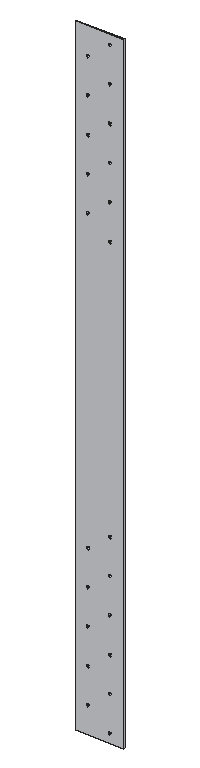
Revit family "StiffClip(R) FS", category Structural Connections, Revit 2026
Family settings
  Material for Model Behavior = Other
  Work Plane-Based = No
  Enable Cutting in Views = No
  Always vertical = No
  Cut with Voids When Loaded = No
  Shared = No
Parameters (values of type "StiffClip® FS275-97mil-36")
  Version = "2.0"
  URL = "http://www.steelnetwork.com/product.aspx/StiffClipFS"
  Manufacturer = "The Steel Network, Inc."
  IS_275-97-36 = yes
  IS_275-97-24 = no
  IS_275-68-36 = no
  IS_275-68-24 = no
  IS_275-54-36 = no
  IS_275-54-24 = no
  IS_275-43-36 = no
  IS_275-43-24 = no
  IS_275-33-36 = no
  IS_275-33-24 = no
  IS_125-97-36 = no
  IS_125-97-24 = no
  IS_125-68-36 = no
  IS_125-68-24 = no
  IS_125-54-36 = no
  IS_125-54-24 = no
  IS_125-43-36 = no
  IS_125-43-24 = no
  IS_125-33-36 = no
  IS_125-33-24 = no
Types (21): name | IS_275-97-36 | IS_275-97-24 | IS_275-68-36 | IS_275-68-24 | IS_275-54-36 | IS_275-54-24 | IS_275-43-36 | IS_275-43-24 | IS_275-33-36 | IS_275-33-24 | IS_125-97-36 | IS_125-97-24 | IS_125-68-36 | IS_125-68-24 | IS_125-54-36 | IS_125-54-24 | IS_125-43-36 | IS_125-43-24 | IS_125-33-36 | IS_125-33-24
  (no name) | yes | no | no | no | no | no | no | no | no | no | no | no | no | no | no | no | no | no | no | no
  StiffClip® FS125-33mil-24 | no | no | no | no | no | no | no | no | no | no | no | no | no | no | no | no | no | no | no | yes
  StiffClip® FS125-68mil-24 | no | no | no | no | no | no | no | no | no | no | no | no | no | yes | no | no | no | no | no | no
  StiffClip® FS125-68mil-36 | no | no | no | no | no | no | no | no | no | no | no | no | yes | no | no | no | no | no | no | no
  StiffClip® FS125-33mil-36 | no | no | no | no | no | no | no | no | no | no | no | no | no | no | no | no | no | no | yes | no
  StiffClip® FS125-43mil-24 | no | no | no | no | no | no | no | no | no | no | no | no | no | no | no | no | no | yes | no | no
  StiffClip® FS125-43mil-36 | no | no | no | no | no | no | no | no | no | no | no | no | no | no | no | no | yes | no | no | no
  StiffClip® FS125-54mil-24 | no | no | no | no | no | no | no | no | no | no | no | no | no | no | no | yes | no | no | no | no
  StiffClip® FS125-54mil-36 | no | no | no | no | no | no | no | no | no | no | no | no | no | no | yes | no | no | no | no | no
  StiffClip® FS125-97mil-24 | no | no | no | no | no | no | no | no | no | no | no | yes | no | no | no | no | no | no | no | no
  StiffClip® FS125-97mil-36 | no | no | no | no | no | no | no | no | no | no | yes | no | no | no | no | no | no | no | no | no
  StiffClip® FS275-33mil-24 | no | no | no | no | no | no | no | no | no | yes | no | no | no | no | no | no | no | no | no | no
  StiffClip® FS275-33mil-36 | no | no | no | no | no | no | no | no | yes | no | no | no | no | no | no | no | no | no | no | no
  StiffClip® FS275-43mil-24 | no | no | no | no | no | no | no | yes | no | no | no | no | no | no | no | no | no | no | no | no
  StiffClip® FS275-43mil-36 | no | no | no | no | no | no | yes | no | no | no | no | no | no | no | no | no | no | no | no | no
  StiffClip® FS275-54mil-24 | no | no | no | no | no | yes | no | no | no | no | no | no | no | no | no | no | no | no | no | no
  StiffClip® FS275-54mil-36 | no | no | no | no | yes | no | no | no | no | no | no | no | no | no | no | no | no | no | no | no
  StiffClip® FS275-68mil-24 | no | no | no | yes | no | no | no | no | no | no | no | no | no | no | no | no | no | no | no | no
  StiffClip® FS275-68mil-36 | no | no | yes | no | no | no | no | no | no | no | no | no | no | no | no | no | no | no | no | no
  StiffClip® FS275-97mil-24 | no | yes | no | no | no | no | no | no | no | no | no | no | no | no | no | no | no | no | no | no
  StiffClip® FS275-97mil-36 | yes | no | no | no | no | no | no | no | no | no | no | no | no | no | no | no | no | no | no | no
Reference planes (in)
  plane 1 "Center (Front/Back)": y = 0
  plane 2: z = 0
  plane 3 "Center (Left/Right)": x = 0
Nested families (in)
  nested 1: "StiffClip(R) FS125-33mil-24" at (0, 0, 0), visible <- "IS_125-33-24", type "StiffClip(R) FS125-33mil-24"
  nested 2: "StiffClip(R) FS125-33mil-36" at (0, 0, 0), visible <- "IS_125-33-36", type "StiffClip(R) FS125-33mil-36"
  nested 3: "StiffClip(R) FS125-43mil-24" at (0, 0, 0), visible <- "IS_125-43-24", type "StiffClip(R) FS125-43mil-24"
  nested 4: "StiffClip(R) FS125-43mil-36" at (0, 0, 0), visible <- "IS_125-43-36", type "StiffClip(R) FS125-43mil-36"
  nested 5: "StiffClip(R) FS125-54mil-24" at (0, 0, 0), visible <- "IS_125-54-24", type "StiffClip(R) FS125-54mil-24"
  nested 6: "StiffClip(R) FS125-54mil-36" at (0, 0, 0), visible <- "IS_125-54-36", type "StiffClip(R) FS125-54mil-36"
  nested 7: "StiffClip(R) FS125-68mil-24" at (0, 0, 0), visible <- "IS_125-68-24", type "StiffClip(R) FS125-68mil-24"
  nested 8: "StiffClip(R) FS125-68mil-36" at (0, 0, 0), visible <- "IS_125-68-36", type "StiffClip(R) FS125-68mil-36"
  nested 9: "StiffClip(R) FS275-33mil-36" at (0, 0, 0), visible <- "IS_275-33-36", type "StiffClip(R) FS275-33mil-36"
  nested 10: "StiffClip(R) FS275-33mil-24" at (0, 0, 0), visible <- "IS_275-33-24", type "StiffClip(R) FS275-33mil-24"
  nested 11: "StiffClip(R) FS275-43mil-24" at (0, 0, 0), visible <- "IS_275-43-24", type "StiffClip(R) FS275-43mil-24"
  nested 12: "StiffClip(R) FS275-43mil-36" at (0, 0, 0), visible <- "IS_275-43-36", type "StiffClip(R) FS275-43mil-36"
  nested 13: "StiffClip(R) FS275-54mil-24" at (0, 0, 0), visible <- "IS_275-54-24", type "StiffClip(R) FS275-54mil-24"
  nested 14: "StiffClip(R) FS275-54mil-36" at (0, 0, 0), visible <- "IS_275-54-36", type "StiffClip(R) FS275-54mil-36"
  nested 15: "StiffClip(R) FS275-68mil-24" at (0, 0, 0), visible <- "IS_275-68-24", type "StiffClip(R) FS275-68mil-24"
  nested 16: "StiffClip(R) FS275-68mil-36" at (0, 0, 0), visible <- "IS_275-68-36", type "StiffClip(R) FS275-68mil-36"
  nested 17: "StiffClip(R) FS275-97mil-24" at (0, 0, 0), visible <- "IS_275-97-24", type "StiffClip(R) FS275-97mil-24"
  nested 18: "StiffClip(R) FS275-97mil-36" at (0, 0, 0), visible <- "IS_275-97-36", type "StiffClip(R) FS275-97mil-36"
Definition of nested family "StiffClip(R) FS125-33mil-24"
  Parameters
    Default Elevation = 48.0000"
  Reference planes (in)
    plane 1 "Center (Front/Back)": y = 0
    plane 2: z = 0
    plane 3 "Center (Left/Right)": x = 0
    plane 4: y = 0.0346
    plane 5: x = 0.25
  Forms (in)
    Extrusion 1, solid
      sketch origin (0, 0, 0) x (1, 0, 0) y (0, 1, 0)
        loop
          line (-0.625, 0) -> (0.625, 0) -> (0.625, 0.0346) -> (-0.625, 0.0346) -> (-0.625, 0)
      from -12 to 12
    Extrusion 2, void
      sketch origin (0, 0, 0) x (1, 0, 0) y (0, 0, 1)
        loop
          circle (0.25, 11.5) r 0.086
        loop
          circle (-0.25, 10.5) r 0.086
        loop
          circle (0.25, 9.5) r 0.086
        loop
          circle (-0.25, 8.5) r 0.086
        loop
          circle (0.25, 7.5) r 0.086
        loop
          circle (-0.25, 6.5) r 0.086
        loop
          circle (0.25, 5.5) r 0.086
        loop
          circle (-0.25, 4.5) r 0.086
        loop
          circle (0.25, 3.5) r 0.086
        loop
          circle (-0.25, 2.5) r 0.086
        loop
          circle (0.25, 1.5) r 0.086
        loop
          circle (0.25, -11.5) r 0.086
        loop
          circle (-0.25, -10.5) r 0.086
        loop
          circle (0.25, -9.5) r 0.086
        loop
          circle (-0.25, -8.5) r 0.086
        loop
          circle (0.25, -7.5) r 0.086
        loop
          circle (-0.25, -6.5) r 0.086
        loop
          circle (0.25, -5.5) r 0.086
        loop
          circle (-0.25, -4.5) r 0.086
        loop
          circle (0.25, -3.5) r 0.086
        loop
          circle (-0.25, -2.5) r 0.086
        loop
          circle (0.25, -1.5) r 0.086
      from -0.0346 to 0
  Cuts and joins
    Extrusion 2 cuts Extrusion 1
Definition of nested family "StiffClip(R) FS125-33mil-36"
  Parameters
    Default Elevation = 48.0000"
  Reference planes (in)
    plane 1 "Center (Front/Back)": y = 0
    plane 2: z = 0
    plane 3 "Center (Left/Right)": x = 0
    plane 4: y = 0.0346
    plane 5: z = 18
    plane 6: z = -18
    plane 7: z = 17.5
    plane 8: z = -17.5
    plane 9: x = 0.25
  Forms (in)
    Extrusion 1, solid
      sketch origin (0, 0, 0) x (1, 0, 0) y (0, 1, 0)
        loop
          line (-0.625, 0) -> (0.625, 0) -> (0.625, 0.0346) -> (-0.625, 0.0346) -> (-0.625, 0)
      from -18 to 18
    Extrusion 2, void
      sketch origin (0, 0, 0) x (1, 0, 0) y (0, 0, 1)
        loop
          circle (0.25, 17.5) r 0.086
        loop
          circle (-0.25, 16.5) r 0.086
        loop
          circle (0.25, 15.5) r 0.086
        loop
          circle (-0.25, 14.5) r 0.086
        loop
          circle (0.25, 13.5) r 0.086
        loop
          circle (-0.25, 12.5) r 0.086
        loop
          circle (0.25, 11.5) r 0.086
        loop
          circle (-0.25, 10.5) r 0.086
        loop
          circle (0.25, 9.5) r 0.086
        loop
          circle (-0.25, 8.5) r 0.086
        loop
          circle (0.25, 7.5) r 0.086
        loop
          circle (0.25, -17.5) r 0.086
        loop
          circle (-0.25, -16.5) r 0.086
        loop
          circle (0.25, -15.5) r 0.086
        loop
          circle (-0.25, -14.5) r 0.086
        loop
          circle (0.25, -13.5) r 0.086
        loop
          circle (-0.25, -12.5) r 0.086
        loop
          circle (0.25, -11.5) r 0.086
        loop
          circle (-0.25, -10.5) r 0.086
        loop
          circle (0.25, -9.5) r 0.086
        loop
          circle (-0.25, -8.5) r 0.086
        loop
          circle (0.25, -7.5) r 0.086
      from -0.0346 to 0
  Cuts and joins
    Extrusion 2 cuts Extrusion 1
Definition of nested family "StiffClip(R) FS125-43mil-24"
  Parameters
    Default Elevation = 48.0000"
  Reference planes (in)
    plane 1 "Center (Front/Back)": y = 0
    plane 2: z = 0
    plane 3 "Center (Left/Right)": x = 0
    plane 4: y = 0.0451
    plane 5: x = 0.25
  Forms (in)
    Extrusion 1, solid
      sketch origin (0, 0, 0) x (1, 0, 0) y (0, 1, 0)
        loop
          line (-0.625, 0) -> (0.625, 0) -> (0.625, 0.0451) -> (-0.625, 0.0451) -> (-0.625, 0)
      from -12 to 12
    Extrusion 2, void
      sketch origin (0, 0, 0) x (1, 0, 0) y (0, 0, 1)
        loop
          circle (0.25, 11.5) r 0.086
        loop
          circle (-0.25, 10.5) r 0.086
        loop
          circle (0.25, 9.5) r 0.086
        loop
          circle (-0.25, 8.5) r 0.086
        loop
          circle (0.25, 7.5) r 0.086
        loop
          circle (-0.25, 6.5) r 0.086
        loop
          circle (0.25, 5.5) r 0.086
        loop
          circle (-0.25, 4.5) r 0.086
        loop
          circle (0.25, 3.5) r 0.086
        loop
          circle (-0.25, 2.5) r 0.086
        loop
          circle (0.25, 1.5) r 0.086
        loop
          circle (0.25, -11.5) r 0.086
        loop
          circle (-0.25, -10.5) r 0.086
        loop
          circle (0.25, -9.5) r 0.086
        loop
          circle (-0.25, -8.5) r 0.086
        loop
          circle (0.25, -7.5) r 0.086
        loop
          circle (-0.25, -6.5) r 0.086
        loop
          circle (0.25, -5.5) r 0.086
        loop
          circle (-0.25, -4.5) r 0.086
        loop
          circle (0.25, -3.5) r 0.086
        loop
          circle (-0.25, -2.5) r 0.086
        loop
          circle (0.25, -1.5) r 0.086
      from -0.0451 to 0
  Cuts and joins
    Extrusion 2 cuts Extrusion 1
  Dimensions and locks (in)
    plane 4 to plane 1 "Center (Front/Back)" = 0.0451"
Definition of nested family "StiffClip(R) FS125-43mil-36"
  Parameters
    Default Elevation = 48.0000"
  Reference planes (in)
    plane 1 "Center (Front/Back)": y = 0
    plane 2: z = 0
    plane 3 "Center (Left/Right)": x = 0
    plane 4: y = 0.0451
    plane 5: x = 0.25
  Forms (in)
    Extrusion 1, solid
      sketch origin (0, 0, 0) x (1, 0, 0) y (0, 1, 0)
        loop
          line (-0.625, 0) -> (0.625, 0) -> (0.625, 0.0451) -> (-0.625, 0.0451) -> (-0.625, 0)
      from -18 to 18
    Extrusion 2, void
      sketch origin (0, 0, 0) x (1, 0, 0) y (0, 0, 1)
        loop
          circle (0.25, 17.5) r 0.086
        loop
          circle (-0.25, 16.5) r 0.086
        loop
          circle (0.25, 15.5) r 0.086
        loop
          circle (-0.25, 14.5) r 0.086
        loop
          circle (0.25, 13.5) r 0.086
        loop
          circle (-0.25, 12.5) r 0.086
        loop
          circle (0.25, 11.5) r 0.086
        loop
          circle (-0.25, 10.5) r 0.086
        loop
          circle (0.25, 9.5) r 0.086
        loop
          circle (-0.25, 8.5) r 0.086
        loop
          circle (0.25, 7.5) r 0.086
        loop
          circle (0.25, -17.5) r 0.086
        loop
          circle (-0.25, -16.5) r 0.086
        loop
          circle (0.25, -15.5) r 0.086
        loop
          circle (-0.25, -14.5) r 0.086
        loop
          circle (0.25, -13.5) r 0.086
        loop
          circle (-0.25, -12.5) r 0.086
        loop
          circle (0.25, -11.5) r 0.086
        loop
          circle (-0.25, -10.5) r 0.086
        loop
          circle (0.25, -9.5) r 0.086
        loop
          circle (-0.25, -8.5) r 0.086
        loop
          circle (0.25, -7.5) r 0.086
      from -0.0451 to 0
  Cuts and joins
    Extrusion 2 cuts Extrusion 1
Definition of nested family "StiffClip(R) FS125-54mil-24"
  Parameters
    Default Elevation = 48.0000"
  Reference planes (in)
    plane 1 "Center (Front/Back)": y = 0
    plane 2: z = 0
    plane 3 "Center (Left/Right)": x = 0
    plane 4: y = 0.0566
    plane 5: x = 0.25
  Forms (in)
    Extrusion 1, solid
      sketch origin (0, 0, 0) x (1, 0, 0) y (0, 1, 0)
        loop
          line (-0.625, 0) -> (0.625, 0) -> (0.625, 0.0566) -> (-0.625, 0.0566) -> (-0.625, 0)
      from -12 to 12
    Extrusion 2, void
      sketch origin (0, 0, 0) x (1, 0, 0) y (0, 0, 1)
        loop
          circle (0.25, 11.5) r 0.086
        loop
          circle (-0.25, 10.5) r 0.086
        loop
          circle (0.25, 9.5) r 0.086
        loop
          circle (-0.25, 8.5) r 0.086
        loop
          circle (0.25, 7.5) r 0.086
        loop
          circle (-0.25, 6.5) r 0.086
        loop
          circle (0.25, 5.5) r 0.086
        loop
          circle (-0.25, 4.5) r 0.086
        loop
          circle (0.25, 3.5) r 0.086
        loop
          circle (-0.25, 2.5) r 0.086
        loop
          circle (0.25, 1.5) r 0.086
        loop
          circle (0.25, -11.5) r 0.086
        loop
          circle (-0.25, -10.5) r 0.086
        loop
          circle (0.25, -9.5) r 0.086
        loop
          circle (-0.25, -8.5) r 0.086
        loop
          circle (0.25, -7.5) r 0.086
        loop
          circle (-0.25, -6.5) r 0.086
        loop
          circle (0.25, -5.5) r 0.086
        loop
          circle (-0.25, -4.5) r 0.086
        loop
          circle (0.25, -3.5) r 0.086
        loop
          circle (-0.25, -2.5) r 0.086
        loop
          circle (0.25, -1.5) r 0.086
      from -0.0566 to 0
  Cuts and joins
    Extrusion 2 cuts Extrusion 1
Definition of nested family "StiffClip(R) FS125-54mil-36"
  Parameters
    Default Elevation = 48.0000"
  Reference planes (in)
    plane 1 "Center (Front/Back)": y = 0
    plane 2: z = 0
    plane 3 "Center (Left/Right)": x = 0
    plane 4: y = 0.0566
    plane 5: x = 0.25
  Forms (in)
    Extrusion 1, solid
      sketch origin (0, 0, 0) x (1, 0, 0) y (0, 1, 0)
        loop
          line (-0.625, 0) -> (0.625, 0) -> (0.625, 0.0566) -> (-0.625, 0.0566) -> (-0.625, 0)
      from -18 to 18
    Extrusion 2, void
      sketch origin (0, 0, 0) x (1, 0, 0) y (0, 0, 1)
        loop
          circle (0.25, 17.5) r 0.086
        loop
          circle (-0.25, 16.5) r 0.086
        loop
          circle (0.25, 15.5) r 0.086
        loop
          circle (-0.25, 14.5) r 0.086
        loop
          circle (0.25, 13.5) r 0.086
        loop
          circle (-0.25, 12.5) r 0.086
        loop
          circle (0.25, 11.5) r 0.086
        loop
          circle (-0.25, 10.5) r 0.086
        loop
          circle (0.25, 9.5) r 0.086
        loop
          circle (-0.25, 8.5) r 0.086
        loop
          circle (0.25, 7.5) r 0.086
        loop
          circle (0.25, -17.5) r 0.086
        loop
          circle (-0.25, -16.5) r 0.086
        loop
          circle (0.25, -15.5) r 0.086
        loop
          circle (-0.25, -14.5) r 0.086
        loop
          circle (0.25, -13.5) r 0.086
        loop
          circle (-0.25, -12.5) r 0.086
        loop
          circle (0.25, -11.5) r 0.086
        loop
          circle (-0.25, -10.5) r 0.086
        loop
          circle (0.25, -9.5) r 0.086
        loop
          circle (-0.25, -8.5) r 0.086
        loop
          circle (0.25, -7.5) r 0.086
      from -0.0566 to 0
  Cuts and joins
    Extrusion 2 cuts Extrusion 1
Definition of nested family "StiffClip(R) FS125-68mil-24"
  Parameters
    Default Elevation = 48.0000"
  Reference planes (in)
    plane 1 "Center (Front/Back)": y = 0
    plane 2: z = 0
    plane 3 "Center (Left/Right)": x = 0
    plane 4: y = 0.0713
    plane 5: x = 0.25
  Forms (in)
    Extrusion 1, solid
      sketch origin (0, 0, 0) x (1, 0, 0) y (0, 1, 0)
        loop
          line (-0.625, 0) -> (0.625, 0) -> (0.625, 0.0713) -> (-0.625, 0.0713) -> (-0.625, 0)
      from -12 to 12
    Extrusion 2, void
      sketch origin (0, 0, 0) x (1, 0, 0) y (0, 0, 1)
        loop
          circle (0.25, 11.5) r 0.086
        loop
          circle (-0.25, 10.5) r 0.086
        loop
          circle (0.25, 9.5) r 0.086
        loop
          circle (-0.25, 8.5) r 0.086
        loop
          circle (0.25, 7.5) r 0.086
        loop
          circle (-0.25, 6.5) r 0.086
        loop
          circle (0.25, 5.5) r 0.086
        loop
          circle (-0.25, 4.5) r 0.086
        loop
          circle (0.25, 3.5) r 0.086
        loop
          circle (-0.25, 2.5) r 0.086
        loop
          circle (0.25, 1.5) r 0.086
        loop
          circle (0.25, -11.5) r 0.086
        loop
          circle (-0.25, -10.5) r 0.086
        loop
          circle (0.25, -9.5) r 0.086
        loop
          circle (-0.25, -8.5) r 0.086
        loop
          circle (0.25, -7.5) r 0.086
        loop
          circle (-0.25, -6.5) r 0.086
        loop
          circle (0.25, -5.5) r 0.086
        loop
          circle (-0.25, -4.5) r 0.086
        loop
          circle (0.25, -3.5) r 0.086
        loop
          circle (-0.25, -2.5) r 0.086
        loop
          circle (0.25, -1.5) r 0.086
      from -0.0713 to 0
  Cuts and joins
    Extrusion 2 cuts Extrusion 1
Definition of nested family "StiffClip(R) FS125-68mil-36"
  Parameters
    Default Elevation = 48.0000"
  Reference planes (in)
    plane 1 "Center (Front/Back)": y = 0
    plane 2: z = 0
    plane 3 "Center (Left/Right)": x = 0
    plane 4: y = 0.0713
    plane 5: x = 0.25
  Forms (in)
    Extrusion 1, solid
      sketch origin (0, 0, 0) x (1, 0, 0) y (0, 1, 0)
        loop
          line (-0.625, 0) -> (0.625, 0) -> (0.625, 0.0713) -> (-0.625, 0.0713) -> (-0.625, 0)
      from -18 to 18
    Extrusion 2, void
      sketch origin (0, 0, 0) x (1, 0, 0) y (0, 0, 1)
        loop
          circle (0.25, 17.5) r 0.086
        loop
          circle (-0.25, 16.5) r 0.086
        loop
          circle (0.25, 15.5) r 0.086
        loop
          circle (-0.25, 14.5) r 0.086
        loop
          circle (0.25, 13.5) r 0.086
        loop
          circle (-0.25, 12.5) r 0.086
        loop
          circle (0.25, 11.5) r 0.086
        loop
          circle (-0.25, 10.5) r 0.086
        loop
          circle (0.25, 9.5) r 0.086
        loop
          circle (-0.25, 8.5) r 0.086
        loop
          circle (0.25, 7.5) r 0.086
        loop
          circle (0.25, -17.5) r 0.086
        loop
          circle (-0.25, -16.5) r 0.086
        loop
          circle (0.25, -15.5) r 0.086
        loop
          circle (-0.25, -14.5) r 0.086
        loop
          circle (0.25, -13.5) r 0.086
        loop
          circle (-0.25, -12.5) r 0.086
        loop
          circle (0.25, -11.5) r 0.086
        loop
          circle (-0.25, -10.5) r 0.086
        loop
          circle (0.25, -9.5) r 0.086
        loop
          circle (-0.25, -8.5) r 0.086
        loop
          circle (0.25, -7.5) r 0.086
      from -0.0713 to 0
  Cuts and joins
    Extrusion 2 cuts Extrusion 1
Definition of nested family "StiffClip(R) FS275-33mil-36"
  Parameters
    Default Elevation = 48.0000"
  Reference planes (in)
    plane 1 "Center (Front/Back)": y = 0
    plane 2: z = 0
    plane 3 "Center (Left/Right)": x = 0
    plane 4: y = 0.0346
    plane 5: x = 0.625
  Forms (in)
    Extrusion 1, solid
      sketch origin (0, 0, 0) x (1, 0, 0) y (0, 1, 0)
        loop
          line (-1.375, 0) -> (1.375, 0) -> (1.375, 0.0346) -> (-1.375, 0.0346) -> (-1.375, 0)
      from -18 to 18
    Extrusion 2, void
      sketch origin (0, 0, 0) x (1, 0, 0) y (0, 0, 1)
        loop
          circle (0.625, 17.5) r 0.086
        loop
          circle (-0.625, 16.5) r 0.086
        loop
          circle (0.625, 15.5) r 0.086
        loop
          circle (-0.625, 14.5) r 0.086
        loop
          circle (0.625, 13.5) r 0.086
        loop
          circle (-0.625, 12.5) r 0.086
        loop
          circle (0.625, 11.5) r 0.086
        loop
          circle (-0.625, 10.5) r 0.086
        loop
          circle (0.625, 9.5) r 0.086
        loop
          circle (-0.625, 8.5) r 0.086
        loop
          circle (0.625, 7.5) r 0.086
        loop
          circle (0.625, -17.5) r 0.086
        loop
          circle (-0.625, -16.5) r 0.086
        loop
          circle (0.625, -15.5) r 0.086
        loop
          circle (-0.625, -14.5) r 0.086
        loop
          circle (0.625, -13.5) r 0.086
        loop
          circle (-0.625, -12.5) r 0.086
        loop
          circle (0.625, -11.5) r 0.086
        loop
          circle (-0.625, -10.5) r 0.086
        loop
          circle (0.625, -9.5) r 0.086
        loop
          circle (-0.625, -8.5) r 0.086
        loop
          circle (0.625, -7.5) r 0.086
      from -0.0346 to 0
  Cuts and joins
    Extrusion 2 cuts Extrusion 1
Definition of nested family "StiffClip(R) FS275-33mil-24"
  Parameters
    Default Elevation = 48.0000"
  Reference planes (in)
    plane 1 "Center (Front/Back)": y = 0
    plane 2: z = 0
    plane 3 "Center (Left/Right)": x = 0
    plane 4: y = 0.0346
    plane 5: x = 0.25
  Forms (in)
    Extrusion 1, solid
      sketch origin (0, 0, 0) x (1, 0, 0) y (0, 1, 0)
        loop
          line (-1.375, 0) -> (1.375, 0) -> (1.375, 0.0346) -> (-1.375, 0.0346) -> (-1.375, 0)
      from -12 to 12
    Extrusion 2, void
      sketch origin (0, 0, 0) x (1, 0, 0) y (0, 0, 1)
        loop
          circle (0.625, 11.5) r 0.086
        loop
          circle (-0.625, 10.5) r 0.086
        loop
          circle (0.625, 9.5) r 0.086
        loop
          circle (-0.625, 8.5) r 0.086
        loop
          circle (0.625, 7.5) r 0.086
        loop
          circle (-0.625, 6.5) r 0.086
        loop
          circle (0.625, 5.5) r 0.086
        loop
          circle (-0.625, 4.5) r 0.086
        loop
          circle (0.625, 3.5) r 0.086
        loop
          circle (-0.625, 2.5) r 0.086
        loop
          circle (0.625, 1.5) r 0.086
        loop
          circle (0.625, -11.5) r 0.086
        loop
          circle (-0.625, -10.5) r 0.086
        loop
          circle (0.625, -9.5) r 0.086
        loop
          circle (-0.625, -8.5) r 0.086
        loop
          circle (0.625, -7.5) r 0.086
        loop
          circle (-0.625, -6.5) r 0.086
        loop
          circle (0.625, -5.5) r 0.086
        loop
          circle (-0.625, -4.5) r 0.086
        loop
          circle (0.625, -3.5) r 0.086
        loop
          circle (-0.625, -2.5) r 0.086
        loop
          circle (0.625, -1.5) r 0.086
      from -0.0346 to 0
  Cuts and joins
    Extrusion 2 cuts Extrusion 1
Definition of nested family "StiffClip(R) FS275-43mil-24"
  Parameters
    Default Elevation = 48.0000"
  Reference planes (in)
    plane 1 "Center (Front/Back)": y = 0
    plane 2: z = 0
    plane 3 "Center (Left/Right)": x = 0
    plane 4: y = 0.0451
    plane 5: x = 0.25
  Forms (in)
    Extrusion 1, solid
      sketch origin (0, 0, 0) x (1, 0, 0) y (0, 1, 0)
        loop
          line (-1.375, 0) -> (1.375, 0) -> (1.375, 0.0451) -> (-1.375, 0.0451) -> (-1.375, 0)
      from -12 to 12
    Extrusion 2, void
      sketch origin (0, 0, 0) x (1, 0, 0) y (0, 0, 1)
        loop
          circle (0.625, 11.5) r 0.086
        loop
          circle (-0.625, 10.5) r 0.086
        loop
          circle (0.625, 9.5) r 0.086
        loop
          circle (-0.625, 8.5) r 0.086
        loop
          circle (0.625, 7.5) r 0.086
        loop
          circle (-0.625, 6.5) r 0.086
        loop
          circle (0.625, 5.5) r 0.086
        loop
          circle (-0.625, 4.5) r 0.086
        loop
          circle (0.625, 3.5) r 0.086
        loop
          circle (-0.625, 2.5) r 0.086
        loop
          circle (0.625, 1.5) r 0.086
        loop
          circle (0.625, -11.5) r 0.086
        loop
          circle (-0.625, -10.5) r 0.086
        loop
          circle (0.625, -9.5) r 0.086
        loop
          circle (-0.625, -8.5) r 0.086
        loop
          circle (0.625, -7.5) r 0.086
        loop
          circle (-0.625, -6.5) r 0.086
        loop
          circle (0.625, -5.5) r 0.086
        loop
          circle (-0.625, -4.5) r 0.086
        loop
          circle (0.625, -3.5) r 0.086
        loop
          circle (-0.625, -2.5) r 0.086
        loop
          circle (0.625, -1.5) r 0.086
      from -0.0451 to 0
  Cuts and joins
    Extrusion 2 cuts Extrusion 1
Definition of nested family "StiffClip(R) FS275-43mil-36"
  Parameters
    Default Elevation = 48.0000"
  Reference planes (in)
    plane 1 "Center (Front/Back)": y = 0
    plane 2: z = 0
    plane 3 "Center (Left/Right)": x = 0
    plane 4: y = 0.0451
    plane 5: x = 0.625
  Forms (in)
    Extrusion 1, solid
      sketch origin (0, 0, 0) x (1, 0, 0) y (0, 1, 0)
        loop
          line (-1.375, 0) -> (1.375, 0) -> (1.375, 0.0451) -> (-1.375, 0.0451) -> (-1.375, 0)
      from -18 to 18
    Extrusion 2, void
      sketch origin (0, 0, 0) x (1, 0, 0) y (0, 0, 1)
        loop
          circle (0.625, 17.5) r 0.086
        loop
          circle (-0.625, 16.5) r 0.086
        loop
          circle (0.625, 15.5) r 0.086
        loop
          circle (-0.625, 14.5) r 0.086
        loop
          circle (0.625, 13.5) r 0.086
        loop
          circle (-0.625, 12.5) r 0.086
        loop
          circle (0.625, 11.5) r 0.086
        loop
          circle (-0.625, 10.5) r 0.086
        loop
          circle (0.625, 9.5) r 0.086
        loop
          circle (-0.625, 8.5) r 0.086
        loop
          circle (0.625, 7.5) r 0.086
        loop
          circle (0.625, -17.5) r 0.086
        loop
          circle (-0.625, -16.5) r 0.086
        loop
          circle (0.625, -15.5) r 0.086
        loop
          circle (-0.625, -14.5) r 0.086
        loop
          circle (0.625, -13.5) r 0.086
        loop
          circle (-0.625, -12.5) r 0.086
        loop
          circle (0.625, -11.5) r 0.086
        loop
          circle (-0.625, -10.5) r 0.086
        loop
          circle (0.625, -9.5) r 0.086
        loop
          circle (-0.625, -8.5) r 0.086
        loop
          circle (0.625, -7.5) r 0.086
      from -0.0451 to 0
  Cuts and joins
    Extrusion 2 cuts Extrusion 1
Definition of nested family "StiffClip(R) FS275-54mil-24"
  Parameters
    Default Elevation = 48.0000"
  Reference planes (in)
    plane 1 "Center (Front/Back)": y = 0
    plane 2: z = 0
    plane 3 "Center (Left/Right)": x = 0
    plane 4: y = 0.0566
    plane 5: x = 0.25
  Forms (in)
    Extrusion 1, solid
      sketch origin (0, 0, 0) x (1, 0, 0) y (0, 1, 0)
        loop
          line (-1.375, 0) -> (1.375, 0) -> (1.375, 0.0566) -> (-1.375, 0.0566) -> (-1.375, 0)
      from -12 to 12
    Extrusion 2, void
      sketch origin (0, 0, 0) x (1, 0, 0) y (0, 0, 1)
        loop
          circle (0.625, 11.5) r 0.086
        loop
          circle (-0.625, 10.5) r 0.086
        loop
          circle (0.625, 9.5) r 0.086
        loop
          circle (-0.625, 8.5) r 0.086
        loop
          circle (0.625, 7.5) r 0.086
        loop
          circle (-0.625, 6.5) r 0.086
        loop
          circle (0.625, 5.5) r 0.086
        loop
          circle (-0.625, 4.5) r 0.086
        loop
          circle (0.625, 3.5) r 0.086
        loop
          circle (-0.625, 2.5) r 0.086
        loop
          circle (0.625, 1.5) r 0.086
        loop
          circle (0.625, -11.5) r 0.086
        loop
          circle (-0.625, -10.5) r 0.086
        loop
          circle (0.625, -9.5) r 0.086
        loop
          circle (-0.625, -8.5) r 0.086
        loop
          circle (0.625, -7.5) r 0.086
        loop
          circle (-0.625, -6.5) r 0.086
        loop
          circle (0.625, -5.5) r 0.086
        loop
          circle (-0.625, -4.5) r 0.086
        loop
          circle (0.625, -3.5) r 0.086
        loop
          circle (-0.625, -2.5) r 0.086
        loop
          circle (0.625, -1.5) r 0.086
      from -0.0566 to 0
  Cuts and joins
    Extrusion 2 cuts Extrusion 1
Definition of nested family "StiffClip(R) FS275-54mil-36"
  Parameters
    Default Elevation = 48.0000"
  Reference planes (in)
    plane 1 "Center (Front/Back)": y = 0
    plane 2: z = 0
    plane 3 "Center (Left/Right)": x = 0
    plane 4: y = 0.0566
    plane 5: x = 0.625
  Forms (in)
    Extrusion 1, solid
      sketch origin (0, 0, 0) x (1, 0, 0) y (0, 1, 0)
        loop
          line (-1.375, 0) -> (1.375, 0) -> (1.375, 0.0566) -> (-1.375, 0.0566) -> (-1.375, 0)
      from -18 to 18
    Extrusion 2, void
      sketch origin (0, 0, 0) x (1, 0, 0) y (0, 0, 1)
        loop
          circle (0.625, 17.5) r 0.086
        loop
          circle (-0.625, 16.5) r 0.086
        loop
          circle (0.625, 15.5) r 0.086
        loop
          circle (-0.625, 14.5) r 0.086
        loop
          circle (0.625, 13.5) r 0.086
        loop
          circle (-0.625, 12.5) r 0.086
        loop
          circle (0.625, 11.5) r 0.086
        loop
          circle (-0.625, 10.5) r 0.086
        loop
          circle (0.625, 9.5) r 0.086
        loop
          circle (-0.625, 8.5) r 0.086
        loop
          circle (0.625, 7.5) r 0.086
        loop
          circle (0.625, -17.5) r 0.086
        loop
          circle (-0.625, -16.5) r 0.086
        loop
          circle (0.625, -15.5) r 0.086
        loop
          circle (-0.625, -14.5) r 0.086
        loop
          circle (0.625, -13.5) r 0.086
        loop
          circle (-0.625, -12.5) r 0.086
        loop
          circle (0.625, -11.5) r 0.086
        loop
          circle (-0.625, -10.5) r 0.086
        loop
          circle (0.625, -9.5) r 0.086
        loop
          circle (-0.625, -8.5) r 0.086
        loop
          circle (0.625, -7.5) r 0.086
      from -0.0566 to 0
  Cuts and joins
    Extrusion 2 cuts Extrusion 1
Definition of nested family "StiffClip(R) FS275-68mil-24"
  Parameters
    Default Elevation = 48.0000"
  Reference planes (in)
    plane 1 "Center (Front/Back)": y = 0
    plane 2: z = 0
    plane 3 "Center (Left/Right)": x = 0
    plane 4: y = 0.0713
    plane 5: x = 0.25
  Forms (in)
    Extrusion 1, solid
      sketch origin (0, 0, 0) x (1, 0, 0) y (0, 1, 0)
        loop
          line (-1.375, 0) -> (1.375, 0) -> (1.375, 0.0713) -> (-1.375, 0.0713) -> (-1.375, 0)
      from -12 to 12
    Extrusion 2, void
      sketch origin (0, 0, 0) x (1, 0, 0) y (0, 0, 1)
        loop
          circle (0.625, 11.5) r 0.086
        loop
          circle (-0.625, 10.5) r 0.086
        loop
          circle (0.625, 9.5) r 0.086
        loop
          circle (-0.625, 8.5) r 0.086
        loop
          circle (0.625, 7.5) r 0.086
        loop
          circle (-0.625, 6.5) r 0.086
        loop
          circle (0.625, 5.5) r 0.086
        loop
          circle (-0.625, 4.5) r 0.086
        loop
          circle (0.625, 3.5) r 0.086
        loop
          circle (-0.625, 2.5) r 0.086
        loop
          circle (0.625, 1.5) r 0.086
        loop
          circle (0.625, -11.5) r 0.086
        loop
          circle (-0.625, -10.5) r 0.086
        loop
          circle (0.625, -9.5) r 0.086
        loop
          circle (-0.625, -8.5) r 0.086
        loop
          circle (0.625, -7.5) r 0.086
        loop
          circle (-0.625, -6.5) r 0.086
        loop
          circle (0.625, -5.5) r 0.086
        loop
          circle (-0.625, -4.5) r 0.086
        loop
          circle (0.625, -3.5) r 0.086
        loop
          circle (-0.625, -2.5) r 0.086
        loop
          circle (0.625, -1.5) r 0.086
      from -0.0713 to 0
  Cuts and joins
    Extrusion 2 cuts Extrusion 1
Definition of nested family "StiffClip(R) FS275-68mil-36"
  Parameters
    Default Elevation = 48.0000"
  Reference planes (in)
    plane 1 "Center (Front/Back)": y = 0
    plane 2: z = 0
    plane 3 "Center (Left/Right)": x = 0
    plane 4: y = 0.0713
    plane 5: x = 0.625
  Forms (in)
    Extrusion 1, solid
      sketch origin (0, 0, 0) x (1, 0, 0) y (0, 1, 0)
        loop
          line (-1.375, 0) -> (1.375, 0) -> (1.375, 0.0713) -> (-1.375, 0.0713) -> (-1.375, 0)
      from -18 to 18
    Extrusion 2, void
      sketch origin (0, 0, 0) x (1, 0, 0) y (0, 0, 1)
        loop
          circle (0.625, 17.5) r 0.086
        loop
          circle (-0.625, 16.5) r 0.086
        loop
          circle (0.625, 15.5) r 0.086
        loop
          circle (-0.625, 14.5) r 0.086
        loop
          circle (0.625, 13.5) r 0.086
        loop
          circle (-0.625, 12.5) r 0.086
        loop
          circle (0.625, 11.5) r 0.086
        loop
          circle (-0.625, 10.5) r 0.086
        loop
          circle (0.625, 9.5) r 0.086
        loop
          circle (-0.625, 8.5) r 0.086
        loop
          circle (0.625, 7.5) r 0.086
        loop
          circle (0.625, -17.5) r 0.086
        loop
          circle (-0.625, -16.5) r 0.086
        loop
          circle (0.625, -15.5) r 0.086
        loop
          circle (-0.625, -14.5) r 0.086
        loop
          circle (0.625, -13.5) r 0.086
        loop
          circle (-0.625, -12.5) r 0.086
        loop
          circle (0.625, -11.5) r 0.086
        loop
          circle (-0.625, -10.5) r 0.086
        loop
          circle (0.625, -9.5) r 0.086
        loop
          circle (-0.625, -8.5) r 0.086
        loop
          circle (0.625, -7.5) r 0.086
      from -0.0713 to 0
  Cuts and joins
    Extrusion 2 cuts Extrusion 1
Definition of nested family "StiffClip(R) FS275-97mil-24"
  Parameters
    Default Elevation = 48.0000"
  Reference planes (in)
    plane 1 "Center (Front/Back)": y = 0
    plane 2: z = 0
    plane 3 "Center (Left/Right)": x = 0
    plane 4: y = 0.1017
    plane 5: x = 0.25
  Forms (in)
    Extrusion 1, solid
      sketch origin (0, 0, 0) x (1, 0, 0) y (0, 1, 0)
        loop
          line (-1.375, 0) -> (1.375, 0) -> (1.375, 0.1017) -> (-1.375, 0.1017) -> (-1.375, 0)
      from -12 to 12
    Extrusion 2, void
      sketch origin (0, 0, 0) x (1, 0, 0) y (0, 0, 1)
        loop
          circle (0.625, 11.5) r 0.086
        loop
          circle (-0.625, 10.5) r 0.086
        loop
          circle (0.625, 9.5) r 0.086
        loop
          circle (-0.625, 8.5) r 0.086
        loop
          circle (0.625, 7.5) r 0.086
        loop
          circle (-0.625, 6.5) r 0.086
        loop
          circle (0.625, 5.5) r 0.086
        loop
          circle (-0.625, 4.5) r 0.086
        loop
          circle (0.625, 3.5) r 0.086
        loop
          circle (-0.625, 2.5) r 0.086
        loop
          circle (0.625, 1.5) r 0.086
        loop
          circle (0.625, -11.5) r 0.086
        loop
          circle (-0.625, -10.5) r 0.086
        loop
          circle (0.625, -9.5) r 0.086
        loop
          circle (-0.625, -8.5) r 0.086
        loop
          circle (0.625, -7.5) r 0.086
        loop
          circle (-0.625, -6.5) r 0.086
        loop
          circle (0.625, -5.5) r 0.086
        loop
          circle (-0.625, -4.5) r 0.086
        loop
          circle (0.625, -3.5) r 0.086
        loop
          circle (-0.625, -2.5) r 0.086
        loop
          circle (0.625, -1.5) r 0.086
      from -0.1017 to 0
  Cuts and joins
    Extrusion 2 cuts Extrusion 1
Definition of nested family "StiffClip(R) FS275-97mil-36"
  Parameters
    Default Elevation = 48.0000"
  Reference planes (in)
    plane 1 "Center (Front/Back)": y = 0
    plane 2: z = 0
    plane 3 "Center (Left/Right)": x = 0
    plane 4: y = 0.1017
    plane 5: x = 0.625
  Forms (in)
    Extrusion 1, solid
      sketch origin (0, 0, 0) x (1, 0, 0) y (0, 1, 0)
        loop
          line (-1.375, 0) -> (1.375, 0) -> (1.375, 0.1017) -> (-1.375, 0.1017) -> (-1.375, 0)
      from -18 to 18
    Extrusion 2, void
      sketch origin (0, 0, 0) x (1, 0, 0) y (0, 0, 1)
        loop
          circle (0.625, 17.5) r 0.086
        loop
          circle (-0.625, 16.5) r 0.086
        loop
          circle (0.625, 15.5) r 0.086
        loop
          circle (-0.625, 14.5) r 0.086
        loop
          circle (0.625, 13.5) r 0.086
        loop
          circle (-0.625, 12.5) r 0.086
        loop
          circle (0.625, 11.5) r 0.086
        loop
          circle (-0.625, 10.5) r 0.086
        loop
          circle (0.625, 9.5) r 0.086
        loop
          circle (-0.625, 8.5) r 0.086
        loop
          circle (0.625, 7.5) r 0.086
        loop
          circle (0.625, -17.5) r 0.086
        loop
          circle (-0.625, -16.5) r 0.086
        loop
          circle (0.625, -15.5) r 0.086
        loop
          circle (-0.625, -14.5) r 0.086
        loop
          circle (0.625, -13.5) r 0.086
        loop
          circle (-0.625, -12.5) r 0.086
        loop
          circle (0.625, -11.5) r 0.086
        loop
          circle (-0.625, -10.5) r 0.086
        loop
          circle (0.625, -9.5) r 0.086
        loop
          circle (-0.625, -8.5) r 0.086
        loop
          circle (0.625, -7.5) r 0.086
      from -0.1017 to 0
  Cuts and joins
    Extrusion 2 cuts Extrusion 1
